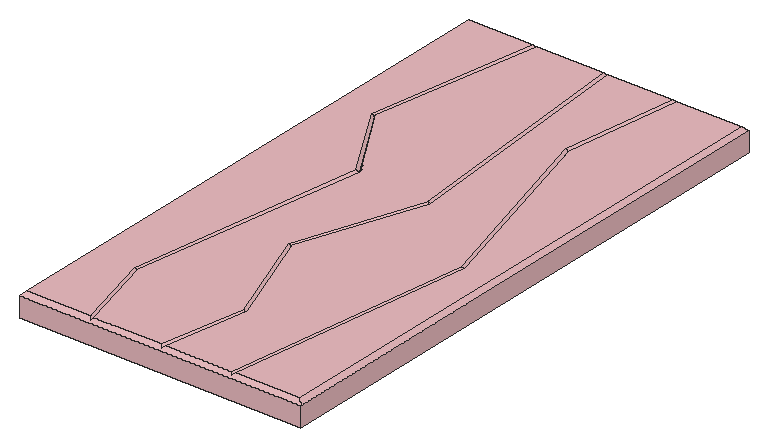
Revit family "CRACKLE 2ft x 4ft", category Specialty Equipment, Revit 2023
Family settings
  Round Connector Dimension = Use Diameter
  Part Type = Normal
  OmniClass Number = 23.35.00.00
  OmniClass Title = Covering, Cladding, and Finishes
  Work Plane-Based = Yes
  Enable Cutting in Views = Yes
  Always vertical = No
  Cut with Voids When Loaded = No
  Maintain Annotation Orientation = No
  Shared = No
  Room Calculation Point = No
Parameters (values of type "2 INCH THICK - CUSTOM PAINTED - STANDARD")
  URL = "https://www.acousticalsurfaces.com/envirocoustic-wood-wool/designs/"
  Type Comments = "Acoustic panels for vertical and horizontal surfaces"
  Thickness = 0' - 2"
  Recycled Content Percentage = "0%"
  Model = "Envirocoustic Wood Wool"
  Material = "Envirocoustic Wood Wool"
  Manufacturer = "Acoustical Surfaces, Inc."
  Fire Rating = "ASTM E84 - Class A"
  Finish = Paint - Acoustical-Surfaces - Custom Painted
  Description = "Acoustic Panels"
  Default Elevation = 0' - 0"
  Backer Thickness = 0' - 1"
  Backer = no
  Assembly Code = "C30"
  Acoustics - NRC = "Sound absorption varies from NRC 0.45 to 0.95 based on installation method used when tested per ASTM C423."
Types (27): name | Thickness | Finish | Backer Thickness | Backer
  2 INCH THICK - CUSTOM PAINTED - STANDARD | 0' - 2" | Paint - Acoustical-Surfaces - Custom Painted | 0' - 1" | no
  2 INCH THICK - PRIMED WHITE - STANDARD | 0' - 2" | Paint - Acoustical-Surfaces - Primed White | 0' - 1" | no
  2 INCH THICK - PRIMED CLEAR - STANDARD | 0' - 2" | Paint - Acoustical-Surfaces - Primed Clear | 0' - 1" | no
  2 INCH THICK - PRIMED WHITE - 2 INCH CFAB BACKER | 0' - 2" | Paint - Acoustical-Surfaces - Primed White | 0' - 2" | yes
  2 INCH THICK - PRIMED WHITE - 1 INCH CFAB BACKER | 0' - 2" | Paint - Acoustical-Surfaces - Primed White | 0' - 1" | yes
  2 INCH THICK - PRIMED CLEAR - 2 INCH CFAB BACKER | 0' - 2" | Paint - Acoustical-Surfaces - Primed Clear | 0' - 2" | yes
  2 INCH THICK - PRIMED CLEAR - 1 INCH CFAB BACKER | 0' - 2" | Paint - Acoustical-Surfaces - Primed Clear | 0' - 1" | yes
  2 INCH THICK - CUSTOM PAINTED - 2 INCH CFAB BACKER | 0' - 2" | Paint - Acoustical-Surfaces - Custom Painted | 0' - 2" | yes
  2 INCH THICK - CUSTOM PAINTED - 1 INCH CFAB BACKER | 0' - 2" | Paint - Acoustical-Surfaces - Custom Painted | 0' - 1" | yes
  1-3/8 INCH THICK - CUSTOM PAINTED - STANDARD | 0' - 1 3/8" | Paint - Acoustical-Surfaces - Custom Painted | 0' - 1" | no
  1-3/8 INCH THICK - PRIMED WHITE - STANDARD | 0' - 1 3/8" | Paint - Acoustical-Surfaces - Primed White | 0' - 1" | no
  1-3/8 INCH THICK - PRIMED CLEAR - STANDARD | 0' - 1 3/8" | Paint - Acoustical-Surfaces - Primed Clear | 0' - 1" | no
  1-3/8 INCH THICK - PRIMED WHITE - 2 INCH CFAB BACKER | 0' - 1 3/8" | Paint - Acoustical-Surfaces - Primed White | 0' - 2" | yes
  1-3/8 INCH THICK - PRIMED WHITE - 1 INCH CFAB BACKER | 0' - 1 3/8" | Paint - Acoustical-Surfaces - Primed White | 0' - 1" | yes
  1-3/8 INCH THICK - PRIMED CLEAR - 2 INCH CFAB BACKER | 0' - 1 3/8" | Paint - Acoustical-Surfaces - Primed Clear | 0' - 2" | yes
  1-3/8 INCH THICK - PRIMED CLEAR - 1 INCH CFAB BACKER | 0' - 1 3/8" | Paint - Acoustical-Surfaces - Primed Clear | 0' - 1" | yes
  1-3/8 INCH THICK - CUSTOM PAINTED - 2 INCH CFAB BACKER | 0' - 1 3/8" | Paint - Acoustical-Surfaces - Custom Painted | 0' - 2" | yes
  1-3/8 INCH THICK - CUSTOM PAINTED - 1 INCH CFAB BACKER | 0' - 1 3/8" | Paint - Acoustical-Surfaces - Custom Painted | 0' - 1" | yes
  1 INCH THICK - CUSTOM PAINTED - STANDARD | 0' - 1" | Paint - Acoustical-Surfaces - Custom Painted | 0' - 1" | no
  1 INCH THICK - PRIMED WHITE - STANDARD | 0' - 1" | Paint - Acoustical-Surfaces - Primed White | 0' - 1" | no
  1 INCH THICK - PRIMED CLEAR - STANDARD | 0' - 1" | Paint - Acoustical-Surfaces - Primed Clear | 0' - 1" | no
  1 INCH THICK - PRIMED WHITE - 2 INCH CFAB BACKER | 0' - 1" | Paint - Acoustical-Surfaces - Primed White | 0' - 2" | yes
  1 INCH THICK - PRIMED WHITE - 1 INCH CFAB BACKER | 0' - 1" | Paint - Acoustical-Surfaces - Primed White | 0' - 1" | yes
  1 INCH THICK - PRIMED CLEAR - 2 INCH CFAB BACKER | 0' - 1" | Paint - Acoustical-Surfaces - Primed Clear | 0' - 2" | yes
  1 INCH THICK - PRIMED CLEAR - 1 INCH CFAB BACKER | 0' - 1" | Paint - Acoustical-Surfaces - Primed Clear | 0' - 1" | yes
  1 INCH THICK - CUSTOM PAINTED - 2 INCH CFAB BACKER | 0' - 1" | Paint - Acoustical-Surfaces - Custom Painted | 0' - 2" | yes
  1 INCH THICK - CUSTOM PAINTED - 1 INCH CFAB BACKER | 0' - 1" | Paint - Acoustical-Surfaces - Custom Painted | 0' - 1" | yes
Reference planes (in)
  plane 1 "Center (Front/Back)": y = 0
  plane 2: z = 0
  plane 3 "Center (Left/Right)": x = 0
  plane 4: x = -12
  plane 5: x = 12
  plane 6: y = 24
  plane 7: y = -24
  plane 8: z = 2
  plane 9: z = -1
Forms (in)
  Extrusion 1, solid, material "Paint - Acoustical-Surfaces - Custom Painted" <- "Finish"
    sketch origin (0, 0, 0) x (1, 0, 0) y (0, 1, 0)
      loop
        line (12, 24) -> (-12, 24) -> (-12, -24) -> (12, -24) -> (12, 24)
    from 0 to 2
  Sweep 2, void
    path in 3D
      loop
        line (12, 24, 2) -> (-12, 24, 2) -> (-12, -24, 2) -> (12, -24, 2) -> (12, 24, 2)
    profile "Triangle : Family2" origin (12, 0, 2) x (-1, 0, 0) y (0, 0, 1)
      loop
        line (0, 0) -> (0, -0.315) -> (0.315, 0) -> (0, 0)
  Extrusion 3, solid, visible <- "Backer"
    sketch origin (0, 0, 0) x (1, 0, 0) y (0, 1, 0)
      loop
        line (12, 24) -> (-12, 24) -> (-12, -24) -> (12, -24) -> (12, 24)
    from 0 to -1
  Sweep 4, void
    path origin (0, 0, 2) x (1, 0, 0) y (0, 1, 0)
      loop
        line (-6.00002, -24) -> (-7.87494, -16.68245) -> (-4.62556, 3.00974) -> (-8.63435, 9.66933) -> (-6.00002, 24)
    profile "Groove : Family2" origin (-7.31718, 16.83466, 2) x (-0.983521, 0.180795, 0) y (0, 0, 1)
      loop
        line (-0.1575, 0) -> (0, -0.1575) -> (0.1575, 0) -> (-0.1575, 0)
  Sweep 5, void
    path origin (0, 0, 2) x (1, 0, 0) y (0, 1, 0)
      loop
        line (0, -24) -> (1.41701, -16.59116) -> (-1.85758, -7.66046) -> (1.81394, 2.56023) -> (0, 24)
    profile "Groove : Family2" origin (0.90697, 13.28012, 2) x (-0.99644, -0.084305, 0) y (0, 0, 1)
      loop
        line (-0.1575, 0) -> (0, -0.1575) -> (0.1575, 0) -> (-0.1575, 0)
  Sweep 6, void
    path origin (0, 0, 2) x (1, 0, 0) y (0, 1, 0)
      loop
        line (6.00002, -24) -> (9.11538, -2.89742) -> (4.52173, 13.98648) -> (6.00002, 24)
    profile "Groove : Family2" origin (5.26087, 18.99324, 2) x (-0.989278, 0.146046, 0) y (0, 0, 1)
      loop
        line (-0.1575, 0) -> (0, -0.1575) -> (0.1575, 0) -> (-0.1575, 0)
Cuts and joins
  Sweep 2, Sweep 4, Sweep 5, Sweep 6 cuts Extrusion 1
Lines and regions (in)
  sketch lines
    curve 1: line (12, -24, 2) -> (12, 24, 2)
    curve 2: line (-12, -24, 2) -> (12, -24, 2)
    curve 3: line (-12, 24, 2) -> (-12, -24, 2)
    curve 4: line (12, 24, 2) -> (-12, 24, 2)
Dimensions and locks (in)
  equal spacing: plane 4, plane 3 "Center (Left/Right)", plane 5
  equal spacing: plane 7, plane 1 "Center (Front/Back)", plane 6
  plane 7 to plane 6 = 4' - 0"
  locked: plane 4 to plane 5 at 24
  "Thickness": plane 8 to level
  "Backer Thickness": level to plane 9
  aligned and locked: level to plane 2
  aligned and locked: Extrusion 1 sketch curve to plane 4
  aligned and locked: plane 5 to Extrusion 1 sketch curve
  aligned and locked: Extrusion 1 sketch curve to plane 6
  aligned and locked: Extrusion 1 sketch curve to plane 7
  aligned and locked: Extrusion 1 to plane 8
  aligned and locked: Extrusion 3 sketch curve to plane 4
  aligned and locked: plane 5 to Extrusion 3 sketch curve
  aligned and locked: Extrusion 3 sketch curve to plane 6
  aligned and locked: Extrusion 3 sketch curve to plane 7
  aligned and locked: plane 9 to Extrusion 3
Automatic sketch dimensions
  Sweep 4 sketch curve to Extrusion 1 = 0' - 0"
  Sweep 4 sketch curve to Extrusion 1 = 0' - 3.36565"
  Sweep 4 sketch curve to Extrusion 1 = 1' - 2.33067"
  Sweep 4 sketch curve to Extrusion 1 = 0' - 5.99998"  (x2)
  Sweep 4 sketch curve to Extrusion 1 = 0' - 7.37444"
  Sweep 4 sketch curve to Sweep 4 sketch curve = 0' - 6.65958"
  Sweep 4 sketch curve to Extrusion 1 = 0' - 4.12506"
  Sweep 4 sketch curve to Extrusion 1 = 0' - 7.31755"
  Extrusion 1 to Sweep 4 sketch curve = 0' - 0"
  Sweep 5 sketch curve to Extrusion 1 = 0' - 0"
  Sweep 5 sketch curve to Extrusion 1 = 0' - 10.18606"
  Sweep 5 sketch curve to Extrusion 1 = 1' - 9.43977"
  Sweep 5 sketch curve to Extrusion 1 = 1' - 0"
  Sweep 5 sketch curve to Extrusion 1 = 0' - 10.14242"
  Sweep 5 sketch curve to Sweep 5 sketch curve = 0' - 10.22069"
  Sweep 5 sketch curve to Sweep 5 sketch curve = 0' - 3.27459"
  Sweep 5 sketch curve to Extrusion 1 = 0' - 7.40884"
  Extrusion 1 to Sweep 5 sketch curve = 0' - 0"
  Sweep 5 sketch curve to Sweep 5 sketch curve = 0' - 1.41702"
  Sweep 6 sketch curve to Extrusion 1 = 0' - 0"
  Sweep 6 sketch curve to Extrusion 1 = 0' - 7.47827"
  Sweep 6 sketch curve to Extrusion 1 = 0' - 10.01352"
  Sweep 6 sketch curve to Extrusion 1 = 0' - 6"  (x2)
  Sweep 6 sketch curve to Extrusion 1 = 0' - 2.88462"
  Sweep 6 sketch curve to Sweep 6 sketch curve = 1' - 4.8839"
  Extrusion 1 to Sweep 6 sketch curve = 0' - 0"
